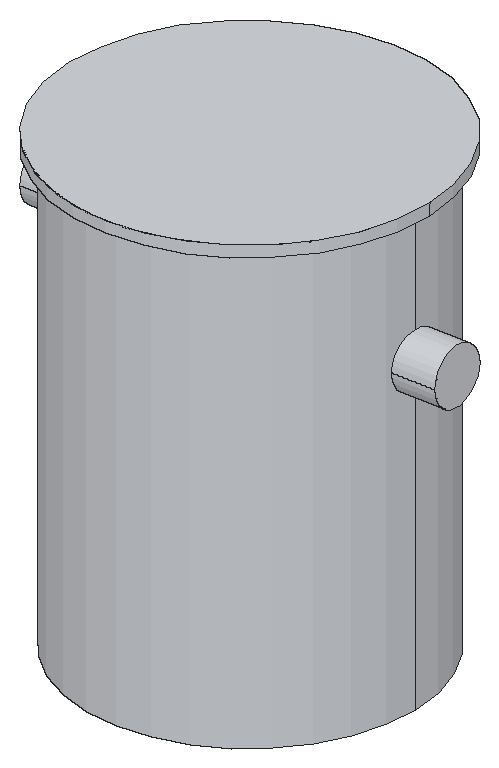
Revit family "MI-NEUT", category Plumbing Fixtures, Revit 2015
Parameters (values of type "MI-NEUT-200")
  LID HEIGHT = 1.2"
  LID = A DIA + 3"  # 39"
  IN/OUTLET LENGTH = 4.5"
  E = 6"
  Default Elevation = 0"
  D = 34"
  C = 38"
  B = 49.75"
  A DIA = 36"
Reference planes (in)
  plane 1 "Center (Front/Back)": y = 0
  plane 2: z = 0
  plane 3 "Center (Left/Right)": x = 0
Forms (in)
  Extrusion 1, solid
    sketch origin (0, 0, 0) x (1, 0, 0) y (0, 1, 0)
      loop
        circle (0, 0) r 18
    from 0 to 48.55
  Extrusion 2, solid
    sketch origin (0, 0, 0) x (1, 0, 0) y (0, 1, 0)
      loop
        circle (0, 0) r 19.5
    from 49.75 to 48.55
  Extrusion 3, solid
    sketch origin (0, 0, 0.25268) x (0, 1, 0) y (0, 0, 1)
      loop
        circle (0, 33.74732) r 3
    from 14.45546 to 22.5
  Extrusion 4, solid
    sketch origin (-0.0607, 0, 4.25268) x (0, 1, 0) y (0, 0, -1)
      loop
        circle (0, -33.74732) r 3
    from 13.9393 to 22.4393
Dimensions and locks (in)
  "B": Extrusion 2 to Extrusion 1
  "LID HEIGHT": Extrusion 2 to Extrusion 2
  "IN/OUTLET LENGTH": Extrusion 3 to Extrusion 1
  "IN/OUTLET LENGTH": Extrusion 4 to Extrusion 1
  locked: Extrusion 4 to Extrusion 1 at 4
  locked: Extrusion 3 to Extrusion 1 at 3.54454
  "D": Extrusion 3 to Extrusion 1
  "C": Extrusion 4 to Extrusion 1
  "LID": diameter of Extrusion 2 sketch curve
  "A DIA": diameter of Extrusion 1 sketch curve
  "A DIA": diameter of Extrusion 1
  "LID": diameter of Extrusion 2
  "E": diameter of Extrusion 4 sketch curve
  "E": diameter of Extrusion 3 sketch curve
  aligned and locked: level to plane 2
  aligned and locked: Extrusion 2 to Extrusion 1
  aligned and locked: Extrusion 1 to level
Automatic sketch dimensions
  plane 1 "Center (Front/Back)" to Extrusion 1 sketch curve = 0"
  Extrusion 1 sketch curve to plane 3 "Center (Left/Right)" = 0"
  plane 1 "Center (Front/Back)" to Extrusion 2 sketch curve = 0"
  Extrusion 2 sketch curve to plane 3 "Center (Left/Right)" = 0"
  Extrusion 3 sketch curve to plane 1 "Center (Front/Back)" = 0"
  level to Extrusion 3 sketch curve = 34"
  Extrusion 4 sketch curve to plane 1 "Center (Front/Back)" = 0"
  level to Extrusion 4 sketch curve = 38"
Connectors (in)
  piping at (22.5, 0, 34), diameter 6, driven by "E"
    settings: on Extrusion 3, index 1, connector inside diameter 24", connector length 0", flow factor 0, pipe flow 0 GPM, pressure drop 0.00 psi, fitting loss kfactor 0, connector angle 0.00°, fixture units 0, engagement length 0", angle of deflection 0.00°, flow configuration 0, flow direction 2, fitting loss method 0, system type 7, joint type 0, gender type 0, connector reference index -1, connector utility 0, adjustable connector no, is connector primary yes, connector description ""
  piping at (-22.5, 0, 38), diameter 6, driven by "E"
    settings: on Extrusion 4, index 2, connector inside diameter 24", connector length 0", flow factor 0, pipe flow 0 GPM, pressure drop 0.00 psi, fitting loss kfactor 0, connector angle 0.00°, fixture units 0, engagement length 0", angle of deflection 0.00°, flow configuration 0, flow direction 1, fitting loss method 0, system type 7, joint type 0, gender type 0, connector reference index -1, connector utility 0, adjustable connector no, is connector primary no, connector description ""
